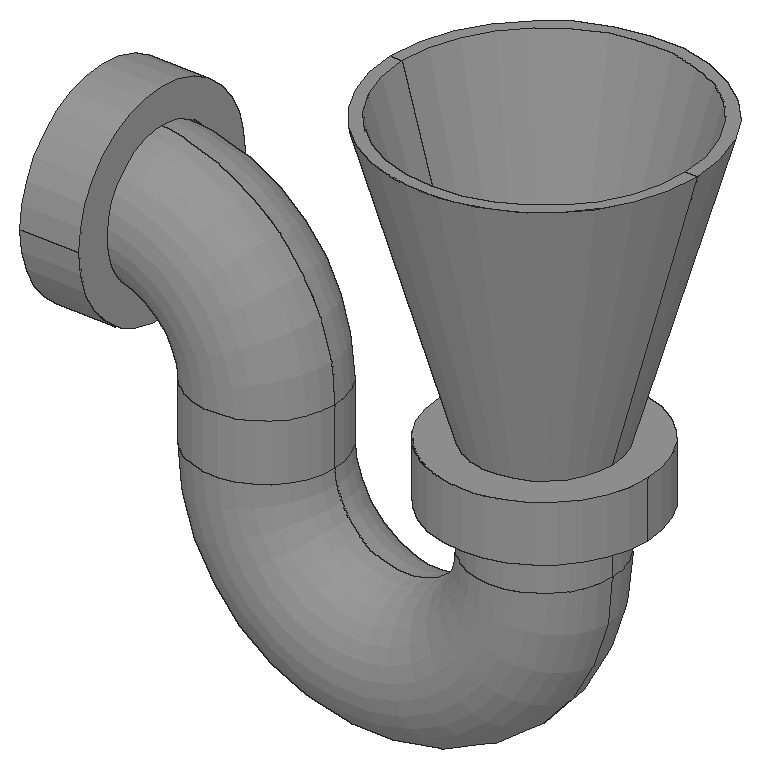
Revit family "MI-940", category Plumbing Fixtures, Revit 2013
Parameters (values of type "MI-941")
  b1 = B * 0.63  # 3' - 7.47"
  a1 = A * 1.8  # 1' - 4.2"
  URL = "www.mifab.com"
  Thickness of A = A * 1.2  # 0' - 10.8"
  Model = "MI-940"
  Manufacturer = "Mifab"
  Description = "Compact deep seal trap with funnel"
  D = 4' - 0"
  C = 5' - 0"
  Body Material = Cast Iron
  B = 5' - 9"
  A = 0' - 9"
Types (4): name | b1 | a1 | Thickness of A | D | C | B | A
  (no name) | 3' - 7.47" | 1' - 4.2" | 0' - 10.8" | 4' - 0" | 5' - 0" | 5' - 9" | 0' - 9"
  MI-941 | 3' - 7.47" | 1' - 4.2" | 0' - 10.8" | 4' - 0" | 5' - 0" | 5' - 9" | 0' - 9"
  MI-942 | 3' - 7.47" | 1' - 9.6" | 1' - 2.4" | 4' - 3" | 5' - 3" | 5' - 9" | 1' - 0"
  MI-943 | 4' - 6.81" | 2' - 8.4" | 1' - 9.6" | 6' - 3" | 6' - 9" | 7' - 3" | 1' - 6"
Reference planes (in)
  plane 1 "Center (Front/Back)": y = 0
  plane 2: z = 0
  plane 3 "Center (Left/Right)": x = 0
  plane 4: z = -33
  plane 5: z = -93
  plane 6: x = 69
  plane 7: x = 25.53
  plane 8: z = -45
  plane 9: z = -93
  plane 10: z = -33
  plane 11: z = -45
  plane 12: x = 69
  plane 13: x = 69
  plane 14: x = 79.8
Forms (in)
  Sweep 1, solid, material "Cast Iron" <- "Body Material"
    path origin (0, 0, 0) x (1, 0, 0) y (0, 0, 1)
      loop
        line (0, -33) -> (6.65157, -33)
        arc (6.65157, -33) -> (20.00064, -38.52936) -> (25.53, -51.87843) r 18.87843
        line (25.53, -51.87843) -> (25.53, -60.74375)
        arc (25.53, -60.74375) -> (47.265, -82.47875) -> (69, -60.74375) r 21.735
        line (69, -60.74375) -> (69, -53.74375)
    profile origin (3.32578, 0, -33) x (0, 0, 1) y (0, -1, 0)
      loop
        circle (0, 0) r 9
      loop
        circle (0, 0) r 10.8
  Extrusion 2, solid, material "Cast Iron" <- "Body Material"
    sketch origin (0, 0, 0) x (1, 0, 0) y (0, 1, 0)
      loop
        circle (69, 0) r 10.8
      loop
        circle (69, 0) r 16.2
    from -53.74375 to -45
  Extrusion 3, solid, material "Cast Iron" <- "Body Material"
    sketch origin (0, 0, 0) x (0, 1, 0) y (0, 0, 1)
      loop
        circle (0, -33) r 10.8
      loop
        circle (0, -33) r 16.2
    from 0 to 9.19201
  Revolve 4, solid, material "Cast Iron" <- "Body Material"
    sketch origin (0, 0, 0) x (1, 0, 0) y (0, 0, 1)
      loop
        line (93, 0) -> (91.2, 0) -> (78, -45) -> (79.8, -45) -> (93, 0)
      axis (69, 0) -> (69, -45)
    angle from 0 to 360
Cuts and joins
  joined: Sweep 1, Extrusion 2, Extrusion 3, Revolve 4
Dimensions and locks (in)
  "B": plane 6 to plane 3 "Center (Left/Right)"
  "b1": plane 6 to plane 7
  locked: level to plane 8 at 45
  "D": plane 8 to plane 9
  "C": plane 10 to plane 9
  "C": plane 4 to plane 5
  locked: level to plane 11 at 45
  "B": plane 3 "Center (Left/Right)" to plane 12
  "B": plane 13 to plane 3 "Center (Left/Right)"
  "Thickness of A": plane 14 to plane 13
  "A": Revolve 4 sketch curve to plane 13
  locked: Revolve 4 sketch curve to plane 13 at 24
  locked: Revolve 4 sketch curve to Revolve 4 sketch curve at 1.8
  "A": radius of Sweep 1 sketch curve
  "Thickness of A": radius of Sweep 1 sketch curve
  "Thickness of A": radius of Extrusion 2 sketch curve
  "a1": radius of Extrusion 2 sketch curve
  "Thickness of A": radius of Extrusion 3 sketch curve
  "a1": radius of Extrusion 3 sketch curve
  aligned and locked: level to plane 2
  aligned and locked: profile plane to Sweep 1 sketch curve  (x3)
  aligned and locked: plane 4 to Sweep 1 sketch curve
  aligned and locked: Sweep 1 sketch curve to plane 7
  aligned and locked: plane 3 "Center (Left/Right)" to Sweep 1 sketch curve
  aligned and locked: plane 6 to Sweep 1 sketch curve
  aligned and locked: Sweep 1 sketch curve to plane 4
  aligned and locked: plane 1 "Center (Front/Back)" to Extrusion 2 sketch curve
  aligned and locked: plane 12 to Extrusion 2 sketch curve
  aligned and locked: Extrusion 2 to Sweep 1
  aligned and locked: plane 11 to Extrusion 2
  aligned and locked: plane 1 "Center (Front/Back)" to Extrusion 3 sketch curve  (x2)
  aligned and locked: plane 4 to Extrusion 3 sketch curve  (x2)
  aligned and locked: Revolve 4 sketch curve to plane 13
Automatic sketch dimensions
  plane 3 "Center (Left/Right)" to Sweep 1 sketch curve = 0' - 6.65157"
  Sweep 1 sketch curve to plane 8 = 1' - 3.74375"
  Sweep 1 sketch curve to Sweep 1 sketch curve = 0' - 7"
  Extrusion 2 sketch curve to Extrusion 2 sketch curve = 0' - 0"  (x2)
  Revolve 4 sketch curve to plane 11 = 0' - 0"
  Revolve 4 sketch curve to plane 14 = 0' - 0"
  Revolve 4 sketch curve to level = 0' - 0"
  plane 5 to Revolve 4 sketch curve = 1' - 9"
  level to Revolve 4 sketch curve = 1' - 9"
